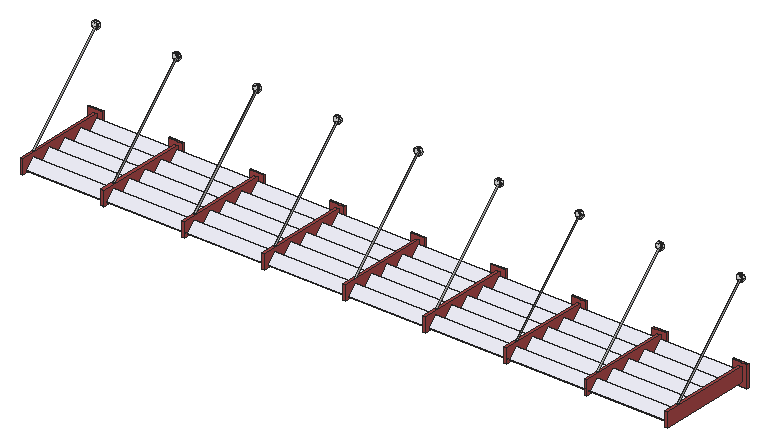
Revit family "racadvancedsamplefamily", category Generic Models, Revit 2024
Family settings
  Can host rebar = No
  Round Connector Dimension = Use Diameter
  Part Type = Normal
  Cut with Voids When Loaded = No
  Maintain Annotation Orientation = No
  Shared = No
  Room Calculation Point = No
Parameters (values of type "M_Solar_Shade_Complete")
  Window_Sill_Height [instance] = 1000 mm
  Support_Length [instance] = roundup((Shadow_Length / 1 mm) * tan(Rel_Angle)) * 1 mm  # 653 mm
  Support_Hanger [instance] = Support_Length > 400 mm  # yes
  Sun_Angle [instance] = 65.00°
  Shadow_Length [instance] = Mounting_Height - Window_Sill_Height  # 1400 mm
  Shade_Factor [instance] = if(Desired_Shading_Percent < 65, "Low", if(Desired_Shading_Percent < 79, "Med.", if(Desired_Shading_Percent < 99, "High", "Max.")))  # "Med."
  Rel_Angle [instance] = 90.00° - Sun_Angle  # 25.00°
  Number of Supports [instance] = ([built-in parameter 1001306] / Max_Support_Spacing) + 1  # 9
  Mounting_Height [instance] = 2400 mm
  Max_Support_Spacing [instance] = 600 mm
  Max Louver Spacing [instance] = Support_Length - (Support_Length * (Desired_Shading_Percent * 0.01))  # 163.25 mm
  Louver Number [instance] = (Support_Length / Max Louver Spacing) + 1  # 5
  built-in parameter 1001306 [instance] = 4500 mm
  Desired_Shading_Percent [instance] = 75
  Default Elevation = 0 mm
  Assembly Code = ""
Reference planes
  plane 1 "Center (Front/Back)": y = 0
  plane 2: z = 0
  plane 3 "Left": x = 0
  plane 4 "Right": x = 4500
  plane 5: z = 2400
  plane 6: y = -653
  plane 7: y = -603
  plane 8: y = -50
Lines and regions (mm)
  reference lines
    curve 1: line (0, 0, 0) -> (4500, 0, 0)
  symbolic lines, style "Overhead"
    curve 2: line (0, -653, 0) -> (4500, -653, 0)
Dimensions and locks
  "built-in parameter 1001306": plane 3 "Left" to plane 4 "Right"
  "Mounting_Height": plane 5 to level
  "Support_Length": plane 6 to plane 1 "Center (Front/Back)"
  equal spacing: group 1, group 3, group 4, group 5, group 6, group 9, group 10, group 11, group 2  (x3)
  locked: plane 6 to plane 7 at 50
  locked: plane 8 to plane 1 "Center (Front/Back)" at 50
  equal spacing: group 7, group 12, group 13, group 14, group 8  (x2)
  equal spacing: group 8, group 14, group 13, group 12, group 7
  aligned and locked: plane 4 "Right" to curve 1
  aligned and locked: plane 1 "Center (Front/Back)" to curve 1
  aligned and locked: plane 3 "Left" to curve 1
  aligned and locked: plane 1 "Center (Front/Back)" to nested 1
  aligned and locked: plane 3 "Left" to nested 1
  aligned and locked: plane 5 to nested 1
  aligned and locked: nested 2 to plane 4 "Right"
  aligned and locked: nested 2 to plane 5
  aligned and locked: plane 3 "Left" to nested 5
  aligned and locked: plane 5 to nested 5
  aligned and locked: nested 5 to plane 8
  aligned and locked: nested 8 to plane 7
  aligned and locked: plane 5 to nested 8
  aligned and locked: plane 3 "Left" to curve 2
  aligned and locked: curve 2 to plane 4 "Right"
  aligned and locked: curve 2 to plane 6
Nested families
  nested 1: "Support Beam" at (0, 0, 2400), Hanger_Visible <- "Support_Hanger", type "Hung Support"
    with Hanger_Visible yes, Support Length 653 mm
  nested 2: "Support Beam" at (4500, 0, 2400), Hanger_Visible <- "Support_Hanger", type "Hung Support"
    with Hanger_Visible yes, Support Length 653 mm
  nested 3: "Support Beam" at (562.5, 0, 2400), Hanger_Visible <- "Support_Hanger", type "Hung Support"
    with Hanger_Visible yes, Support Length 653 mm
  nested 4: "Support Beam" at (1125, 0, 2400), Hanger_Visible <- "Support_Hanger", type "Hung Support"
    with Hanger_Visible yes, Support Length 653 mm
  nested 5: "Louver" at (0, -50, 2400), type "Louver"
    with Length 4500 mm
  nested 6: "Support Beam" at (1687.5, 0, 2400), Hanger_Visible <- "Support_Hanger", type "Hung Support"
    with Hanger_Visible yes, Support Length 653 mm
  nested 7: "Support Beam" at (2250, 0, 2400), Hanger_Visible <- "Support_Hanger", type "Hung Support"
    with Hanger_Visible yes, Support Length 653 mm
  nested 8: "Louver" at (0, -603, 2400), type "Louver"
    with Length 4500 mm
  nested 9: "Support Beam" at (2812.5, 0, 2400), Hanger_Visible <- "Support_Hanger", type "Hung Support"
    with Hanger_Visible yes, Support Length 653 mm
  nested 10: "Support Beam" at (3375, 0, 2400), Hanger_Visible <- "Support_Hanger", type "Hung Support"
    with Hanger_Visible yes, Support Length 653 mm
  nested 11: "Support Beam" at (3937.5, 0, 2400), Hanger_Visible <- "Support_Hanger", type "Hung Support"
    with Hanger_Visible yes, Support Length 653 mm
  nested 12: "Louver" at (0, -188.25, 2400), type "Louver"
    with Length 4500 mm
  nested 13: "Louver" at (0, -326.5, 2400), type "Louver"
    with Length 4500 mm
  nested 14: "Louver" at (0, -464.75, 2400), type "Louver"
    with Length 4500 mm
Definition of nested family "Support Beam"
  Parameters
    Support Length = 642 mm
    Mounting Height = 2400 mm
    Hanger_Visible [instance] = yes
    Default Elevation = 0 mm
    Assembly Code = ""
  Reference planes
    plane 1 "Center (Front/Back)": y = 0
    plane 2: z = 0
    plane 3 "Center (Left/Right)": x = 0
    plane 4 "Left Edge": x = -10
    plane 5 "Right Edge": x = 10
    plane 6: y = -642
    plane 7: y = -542
    plane 8: z = 600
    plane 9: z = -600
    plane 10: z = -2400
  Forms (mm)
    Extrusion 1, solid
      sketch origin (0, 0, 0) x (1, 0, 0) y (0, 0, 1)
        loop
          line (-50, 75) -> (-50, -75) -> (50, -75) -> (50, 75) -> (-50, 75)
      from 0 to 10
    Extrusion 2, solid
      sketch origin (-10, 0, 0) x (0, 1, 0) y (0, 0, 1)
        loop
          line (-642, 50) -> (-642, -50) -> (0, -50) -> (0, 50) -> (-642, 50)
      from 0 to 20
    Sweep 3, solid, visible <- "Hanger_Visible"
      path origin (0, 0, 0) x (0, 1, 0) y (0, 0, 1)
        loop
          line (-542, 50) -> (0, 600)
      profile origin (0, -271, 325) x (0, -0.712268, 0.701908) y (1, 0, 0)
        loop
          circle (0, 0) r 4
    Extrusion 4, solid, visible <- "Hanger_Visible"
      sketch origin (0, 0, 0) x (1, 0, 0) y (0, 0, 1)
        loop
          circle (0, 600) r 25
      from 0 to 10
    Extrusion 5, solid, visible <- "Hanger_Visible"
      sketch origin (0, 0, 0) x (1, 0, 0) y (0, 0, 1)
        loop
          circle (0, 600) r 19
      from 0 to 15
  Lines and regions (mm)
    symbolic lines
      curve 1: line (0, 0, 0) -> (0, -542, 0)
    model lines
      curve 2: line (0, 0, 0) -> (0, 0, -2400)
  Dimensions and locks
    "Support Length": plane 6 to plane 1 "Center (Front/Back)"
    locked: plane 6 to plane 7 at 100
    locked: plane 8 to level at 600
    locked: level to plane 9 at 600
    "Mounting Height": plane 2 to plane 10
    aligned and locked: plane 1 "Center (Front/Back)" to Extrusion 2 sketch curve
    aligned and locked: plane 6 to Extrusion 2 sketch curve
    aligned and locked: Extrusion 2 to Sweep 3 sketch curve
    aligned and locked: plane 1 "Center (Front/Back)" to Sweep 3 sketch curve
    aligned and locked: plane 1 "Center (Front/Back)" to curve 1
    aligned and locked: plane 7 to curve 1
    aligned and locked: curve 1 to plane 3 "Center (Left/Right)"
    aligned and locked: plane 2 to curve 2
    aligned and locked: plane 10 to curve 2
    aligned and locked: curve 2 to plane 3 "Center (Left/Right)"
  Automatic sketch dimensions
    Extrusion 1 sketch curve to plane 4 "Left Edge" = 40 mm
    plane 5 "Right Edge" to Extrusion 1 sketch curve = 40 mm
    Extrusion 1 sketch curve to level = 75 mm
    level to Extrusion 1 sketch curve = 75 mm
    Extrusion 2 sketch curve to level = 50 mm
    level to Extrusion 2 sketch curve = 50 mm
    Sweep 3 sketch curve to plane 7 = 0 mm
    Sweep 3 sketch curve to plane 8 = 0 mm
    Sweep 3 sketch curve to plane 3 "Center (Left/Right)" = 0 mm
    Sweep 3 sketch curve to profile plane = 0 mm
    Extrusion 4 sketch curve to plane 3 "Center (Left/Right)" = 0 mm
    Extrusion 4 sketch curve to plane 8 = 0 mm
    Extrusion 5 sketch curve to plane 3 "Center (Left/Right)" = 0 mm
    Extrusion 5 sketch curve to plane 8 = 0 mm
    radius of Sweep 3 sketch curve = 4 mm
    radius of Extrusion 4 sketch curve = 25 mm
    radius of Extrusion 5 sketch curve = 19 mm
Definition of nested family "Louver"
  Parameters
    Length = 1500 mm
    Default Elevation = 0 mm
  Reference planes
    plane 1 "Center (Front/Back)": y = 0
    plane 2: z = 0
    plane 3 "Center (Left/Right)": x = 0
    plane 4: x = 1500
  Forms (mm)
    Extrusion 1, solid
      sketch origin (0, 0, 0) x (0, 1, 0) y (0, 0, 1)
        loop
          line (-30.052, -30.052) -> (-22.981, -37.123) -> (37.123, 22.981) -> (30.052, 30.052) -> (-30.052, -30.052)
      from 0 to 1500
  Dimensions and locks
    "Length": plane 3 "Center (Left/Right)" to plane 4
    aligned and locked: plane 4 to Extrusion 1
  Automatic sketch dimensions
    plane 1 "Center (Front/Back)" to Extrusion 1 sketch curve = 30.052 mm
    Extrusion 1 sketch curve to Extrusion 1 sketch curve = 60.104 mm
    Extrusion 1 sketch curve to Extrusion 1 sketch curve = 7.071 mm  (x2)
    Extrusion 1 sketch curve to level = 37.123 mm
